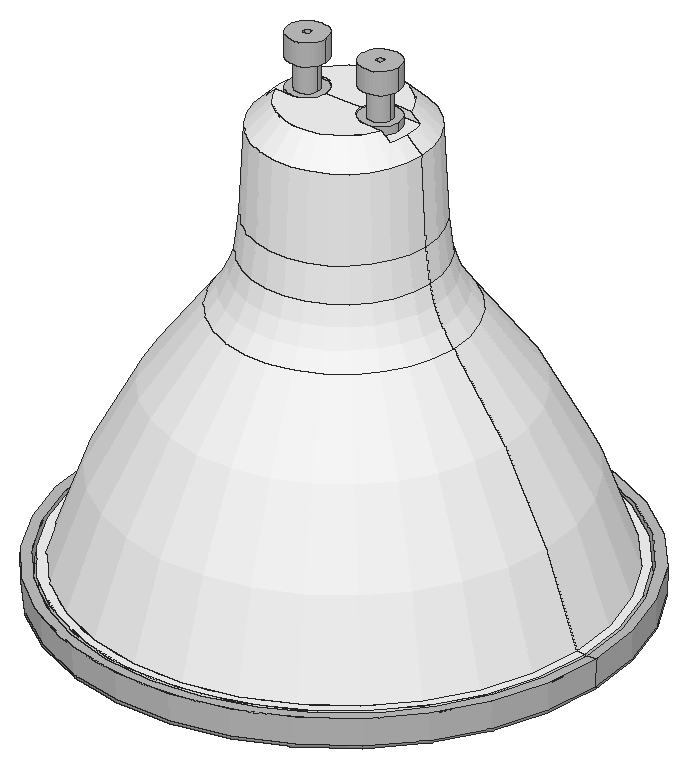
Revit family "STL23424_27_30", category Luminárias, Revit 2023
Family settings
  Cota do conector redondo = Utilizar diâmetro
  Tipo de parte = Normal
  Com base no plano de trabalho = Não
  Sempre na vertical = Sim
  Corte com vazios quando carregada = Não
  Fonte luminosa = Sim
  Manter orientação da anotação = Não
  Compartilhado = Não
  Ponto de cálculo do ambiente = Não
Parameters (values of type "STL23424/27 - BIVOLT - 2700K - 240lm - 7°")
  Ângulo de inclinação = 90.00°
  Ângulo de Abertura = "7°"
  Wattage = 1.61571 W
  URL = "https://stella.com.br/"
  Troca de temperatura da cor de lâmpada com esmaecimento = <Nenhum>
  Tensão Elétrica = "100V-240V"
  built-in parameter 1150107 = 2700 (stored number, unit not read)
  Temperatura da cor (K) = 2700 K
  Referência = "STL23424/27"
  Potência = 4.9 W
  built-in parameter 1150110 = 1 (stored number, unit not read)
  built-in parameter 1150109 = 1 (stored number, unit not read)
  built-in parameter 1114218 = 1 (stored number, unit not read)
  built-in parameter 1150112 = 1 (stored number, unit not read)
  built-in parameter 1150113 = 1 (stored number, unit not read)
  built-in parameter 1150142 = "IESNA:LM-63-2002\r\n[TEST] Viso BaseSpion - serial: 2183678036 sensor serial: 1483989726\r\n[TESTLAB] Viso BaseSpion - serial: 2183678036 sensor serial: 1483989726 - Test lab\r\n[MANUFAC] N/A\r\n[ISSUEDATE] 14/08/2023\r\n[LUMINAIRE] STELLA - STL23424/27 - AR70 PRO DIM 7°\r\n[LUMCAT] N/A\r\n[_SERIALNUMBER] VFR-230814-9882-MS\r\nTILT=NONE\r\n1 240 1 91 1 1 2 -0.0549 -0.0549 0\r\n1.0 1.0 4.87\r\n0 1 2 3 4 5 6 7 8 9 10 11 12 13 14 15 16 17 18 19 20 21 22 23 24 25 26 27 28 29 30 31 32 33 34 35 36 37 38 39 40 41 42 43 44 45 46 47 48 49 50 51 52 53 54 55 56 57 58 59 60 61 62 63 64 65 66 67 68 69 70 71 72 73 74 75 76 77 78 79 80\r\n 81 82 83 84 85 86 87 88 89 90\r\n0 \r\n10219.087891 9609.618164 8084.552246 5993.118652 3929.614502 2367.785645 1371.87207 787.385315 467.917023 300.704956 207.062836 149.647308 118.207611 103.440643 93.143715 82.923851 72.277809 63.09024 55.998558 51.25856 46.682964 40.59729\r\n 34.690044 30.243528 27.227261 24.611897 22.122869 20.337862 19.374928 18.887224 19.041401 19.42337 19.868952 20.542683 21.128773 21.616777 21.801546 21.123518 19.780514 18.231174 16.584953 14.74189 12.86931 11.117442 9.338756 8.000716\r\n 7.174229 6.827786 6.655918 6.562198 6.498965 6.36223 6.216653 6.175374 6.149932 5.471829 3.564684 2.353281 2.210476 2.272715 1.465729 0.693072 0.328656 0.212794 0.179692 0.178208 0.160128 0.159736 0.187537 0.191157 0.21221 0.177554\r\n 0.162208 0.173206 0.16345 0.165178 0.172783 0.17258 0.180423 0.161666 0.17036 0.186839 0.165274 0.175256 0.171068 0.172835 0.171477 0.191085 0.182522 0.119256 0.081322\r\n"
  built-in parameter 1150132 = 2
  built-in parameter 1150137 = (empty or 0)
  Modelo = "Lâmpada LED AR70 PRO 7°"
  Luminoso [instance] = Luminoso - 2700K
  built-in parameter 1150106 = 102.19 (stored number, unit not read)
  built-in parameter 1150102 = (empty or 0)
  built-in parameter 1150105 = 10219.1 (stored number, unit not read)
  IRC (Índice de reprodução de cores) = ">95 (R9>80)"
  Grau de proteção (IP) = "IP20"
  Fluxo Luminoso = 240 lm
  Color Filter = 16777215
  built-in parameter 1114217 = 1 (stored number, unit not read)
  built-in parameter 1150139 = (empty or 0)
  Fabricante = "Stella"
  Estrutura [instance] = Al - Branco
  Default Elevation = 0.00 m
  built-in parameter 1150104 = 13.8 (stored number, unit not read)
  Diâmetro = 0.07 m
  Dimerização = "20-100%"
  built-in parameter 1150115 = 1 (stored number, unit not read)
  built-in parameter 1150114 = 1 (stored number, unit not read)
  Cromado [instance] = Cromado
  Lumens = 240 lm
  built-in parameter 1150138 = (empty or 0)
  built-in parameter 1150134 = (empty or 0)
  Arquivo de rede fotométrica = "STELLA - STL23424-27 - AR70 PRO DIM 7°.ies"
  Altura = 0.067 m
  built-in parameter 1150133 = 10 (stored number, unit not read)
Types (3, lengths in m): name | Wattage | built-in parameter 1150107 | Temperatura da cor (K) | Referência | built-in parameter 1150142 | Luminoso | built-in parameter 1150106 | built-in parameter 1150105 | Fluxo Luminoso | Lumens | Arquivo de rede fotométrica
  (no name) | 1.61571 W | 2700 (stored number, unit not read) | 2700 K | "STL23424/27" | "IESNA:LM-63-2002\r\n[TEST] Viso BaseSpion - serial: 2183678036 sensor serial: 1483989726\r\n[TESTLAB] Viso BaseSpion - serial: 2183678036 sensor serial: 1483989726 - Test lab\r\n[MANUFAC] N/A\r\n[ISSUEDATE] 14/08/2023\r\n[LUMINAIRE] STELLA - STL23424/27 - AR70 PRO DIM 7°\r\n[LUMCAT] N/A\r\n[_SERIALNUMBER] VFR-230814-9882-MS\r\nTILT=NONE\r\n1 240 1 91 1 1 2 -0.0549 -0.0549 0\r\n1.0 1.0 4.87\r\n0 1 2 3 4 5 6 7 8 9 10 11 12 13 14 15 16 17 18 19 20 21 22 23 24 25 26 27 28 29 30 31 32 33 34 35 36 37 38 39 40 41 42 43 44 45 46 47 48 49 50 51 52 53 54 55 56 57 58 59 60 61 62 63 64 65 66 67 68 69 70 71 72 73 74 75 76 77 78 79 80\r\n 81 82 83 84 85 86 87 88 89 90\r\n0 \r\n10219.087891 9609.618164 8084.552246 5993.118652 3929.614502 2367.785645 1371.87207 787.385315 467.917023 300.704956 207.062836 149.647308 118.207611 103.440643 93.143715 82.923851 72.277809 63.09024 55.998558 51.25856 46.682964 40.59729\r\n 34.690044 30.243528 27.227261 24.611897 22.122869 20.337862 19.374928 18.887224 19.041401 19.42337 19.868952 20.542683 21.128773 21.616777 21.801546 21.123518 19.780514 18.231174 16.584953 14.74189 12.86931 11.117442 9.338756 8.000716\r\n 7.174229 6.827786 6.655918 6.562198 6.498965 6.36223 6.216653 6.175374 6.149932 5.471829 3.564684 2.353281 2.210476 2.272715 1.465729 0.693072 0.328656 0.212794 0.179692 0.178208 0.160128 0.159736 0.187537 0.191157 0.21221 0.177554\r\n 0.162208 0.173206 0.16345 0.165178 0.172783 0.17258 0.180423 0.161666 0.17036 0.186839 0.165274 0.175256 0.171068 0.172835 0.171477 0.191085 0.182522 0.119256 0.081322\r\n" | Luminoso - 2700K | 102.19 (stored number, unit not read) | 10219.1 (stored number, unit not read) | 240 lm | 240 lm | "STELLA - STL23424-27 - AR70 PRO DIM 7°.ies"
  STL23424/27 - BIVOLT - 2700K - 240lm - 7° | 1.61571 W | 2700 (stored number, unit not read) | 2700 K | "STL23424/27" | "IESNA:LM-63-2002\r\n[TEST] Viso BaseSpion - serial: 2183678036 sensor serial: 1483989726\r\n[TESTLAB] Viso BaseSpion - serial: 2183678036 sensor serial: 1483989726 - Test lab\r\n[MANUFAC] N/A\r\n[ISSUEDATE] 14/08/2023\r\n[LUMINAIRE] STELLA - STL23424/27 - AR70 PRO DIM 7°\r\n[LUMCAT] N/A\r\n[_SERIALNUMBER] VFR-230814-9882-MS\r\nTILT=NONE\r\n1 240 1 91 1 1 2 -0.0549 -0.0549 0\r\n1.0 1.0 4.87\r\n0 1 2 3 4 5 6 7 8 9 10 11 12 13 14 15 16 17 18 19 20 21 22 23 24 25 26 27 28 29 30 31 32 33 34 35 36 37 38 39 40 41 42 43 44 45 46 47 48 49 50 51 52 53 54 55 56 57 58 59 60 61 62 63 64 65 66 67 68 69 70 71 72 73 74 75 76 77 78 79 80\r\n 81 82 83 84 85 86 87 88 89 90\r\n0 \r\n10219.087891 9609.618164 8084.552246 5993.118652 3929.614502 2367.785645 1371.87207 787.385315 467.917023 300.704956 207.062836 149.647308 118.207611 103.440643 93.143715 82.923851 72.277809 63.09024 55.998558 51.25856 46.682964 40.59729\r\n 34.690044 30.243528 27.227261 24.611897 22.122869 20.337862 19.374928 18.887224 19.041401 19.42337 19.868952 20.542683 21.128773 21.616777 21.801546 21.123518 19.780514 18.231174 16.584953 14.74189 12.86931 11.117442 9.338756 8.000716\r\n 7.174229 6.827786 6.655918 6.562198 6.498965 6.36223 6.216653 6.175374 6.149932 5.471829 3.564684 2.353281 2.210476 2.272715 1.465729 0.693072 0.328656 0.212794 0.179692 0.178208 0.160128 0.159736 0.187537 0.191157 0.21221 0.177554\r\n 0.162208 0.173206 0.16345 0.165178 0.172783 0.17258 0.180423 0.161666 0.17036 0.186839 0.165274 0.175256 0.171068 0.172835 0.171477 0.191085 0.182522 0.119256 0.081322\r\n" | Luminoso - 2700K | 102.19 (stored number, unit not read) | 10219.1 (stored number, unit not read) | 240 lm | 240 lm | "STELLA - STL23424-27 - AR70 PRO DIM 7°.ies"
  STL23424/30 - BIVOLT - 3000K - 250lm - 7° | 1.68303 W | 3000 (stored number, unit not read) | 3000 K | "STL23424/30" | "IESNA:LM-63-2002\r\n[TEST] Viso BaseSpion - serial: 2183678036 sensor serial: 1483989726\r\n[TESTLAB] Viso BaseSpion - serial: 2183678036 sensor serial: 1483989726 - Test lab\r\n[MANUFAC] N/A\r\n[ISSUEDATE] 14/08/2023\r\n[LUMINAIRE] STELLA - STL23424/30 - AR70 PRO DIM 7°\r\n[LUMCAT] N/A\r\n[_SERIALNUMBER] VFR-230814-9882-MS\r\nTILT=NONE\r\n1 250 1 91 1 1 2 -0.0549 -0.0549 0\r\n1.0 1.0 4.87\r\n0 1 2 3 4 5 6 7 8 9 10 11 12 13 14 15 16 17 18 19 20 21 22 23 24 25 26 27 28 29 30 31 32 33 34 35 36 37 38 39 40 41 42 43 44 45 46 47 48 49 50 51 52 53 54 55 56 57 58 59 60 61 62 63 64 65 66 67 68 69 70 71 72 73 74 75 76 77 78 79 80\r\n 81 82 83 84 85 86 87 88 89 90\r\n0 \r\n10644.883789 10010.019531 8421.40918 6242.832031 4093.348389 2466.443359 1429.033447 820.193054 487.413574 313.234314 215.69046 155.882614 123.132935 107.750671 97.024712 86.379013 75.289383 65.719002 58.331833 53.394333 48.62809 42.288845\r\n 36.135464 31.503675 28.361731 25.637394 23.044657 21.185274 20.182217 19.674192 19.834793 20.232679 20.696825 21.398628 22.00914 22.517477 22.709944 22.003666 20.604702 18.990808 17.275993 15.356135 13.405532 11.580668 9.72787 8.33408\r\n 7.473155 7.112278 6.933248 6.835623 6.769756 6.627323 6.475681 6.432682 6.406179 5.699822 3.713212 2.451334 2.302579 2.367412 1.526801 0.72195 0.34235 0.22166 0.18718 0.185633 0.1668 0.166392 0.195351 0.199122 0.221052 0.184952 0.168966\r\n 0.180422 0.170261 0.17206 0.179983 0.179771 0.18794 0.168402 0.177458 0.194624 0.172161 0.182558 0.178195 0.180037 0.178622 0.199047 0.190128 0.124225 0.084711\r\n" | Luminoso - 3000K | 106.45 (stored number, unit not read) | 10644.9 (stored number, unit not read) | 250 lm | 250 lm | "STELLA - STL23424-30 - AR70 PRO DIM 7°.ies"
Reference planes (m)
  plane 1 "Centro (Frente/Trás)": y = 0
  plane 2: z = 0
  plane 3 "Centro (Esquerda/Direita)": x = 0
  plane 4: x = 0.035
  plane 5: x = -0.035
  plane 6 "Superior": z = 0.063061
  plane 7 "Base": z = -0.003939
  plane 8: y = 0.035
  plane 9: y = -0.035
Forms (m)
  Revolve 1, solid, material "Al - Branco" <- "Estrutura"
    sketch origin (0, 0, 0) x (1, 0, 0) y (0, 0, 1)
      loop
        line (0.0077, 0.0564) -> (0, 0.0564) -> (0, 0.0548) -> (0.007603, 0.0548) -> (0.00957, 0.052833) -> (0.009999, 0.042321)
        arc (0.009999, 0.042321) -> (0.010188, 0.040004) -> (0.010563, 0.03771) r 0.02875
        arc (0.010563, 0.03771) -> (0.011893, 0.033837) -> (0.01416, 0.030428) r 0.01602
        arc (0.01416, 0.030428) -> (0.024357, 0.015572) -> (0.030945, -0.0012) r 0.07947
        line (0.030945, -0.0012) -> (0.031727, -0.0012) -> (0.0318, -0.0026) -> (0.033208, -0.0026) -> (0.03305, -0.000789) -> (0.033009, 0) -> (0.031862, 0)
        arc (0.031862, 0) -> (0.0252, 0.016541) -> (0.015066, 0.031215) r 0.08067
        arc (0.015066, 0.031215) -> (0.012969, 0.034369) -> (0.011739, 0.037951) r 0.01482
        arc (0.011739, 0.037951) -> (0.011379, 0.04015) -> (0.011198, 0.04237) r 0.02755
        line (0.011198, 0.04237) -> (0.01075, 0.05335) -> (0.0077, 0.0564)
      axis (0, 0.0564) -> (0, -0.0026)
    angle from 0 to 360
  Revolve 2, solid, material "Cromado" <- "Cromado"
    sketch origin (0, 0, 0) x (1, 0, 0) y (0, 0, 1)
      loop
        line (0.034641, -0.000012) -> (0.033441, -0.000012) -> (0.033213, -0.002612) -> (0.031899, -0.002612)
        arc (0.031899, -0.002612) -> (0.030196, -0.002077) -> (0.028665, -0.001158) r 0.007553
        arc (0.028665, -0.001158) -> (0.02224, 0.009924) -> (0.014066, 0.019788) r 0.077007
        line (0.014066, 0.019788) -> (0.012477, 0.019788) -> (0.012477, 0.018588) -> (0.013281, 0.018588)
        arc (0.013281, 0.018588) -> (0.020758, 0.009597) -> (0.02676, -0.000439) r 0.075607
        line (0.02676, -0.000439) -> (0.027823, -0.002538)
        arc (0.027823, -0.002538) -> (0.028077, -0.002853) -> (0.028411, -0.00308) r 0.001372
        arc (0.028411, -0.00308) -> (0.030708, -0.003694) -> (0.033072, -0.003939) r 0.015
        arc (0.033072, -0.003939) -> (0.03354, -0.003944) -> (0.034008, -0.003939) r 0.019847
        arc (0.034008, -0.003939) -> (0.034407, -0.003777) -> (0.034582, -0.003385) r 0.000574
        line (0.034582, -0.003385) -> (0.034641, -0.000012)
      axis (0, 0.019788) -> (0, -0.003939)
    angle from 0 to 360
  Revolve 3, solid, material "Cromado" <- "Cromado"
    sketch origin (0, 0, 0) x (1, 0, 0) y (0, 0, 1)
      loop
        line (-0.01279, 0.004) -> (0, 0.004) -> (0, 0.014238) -> (-0.002617, 0.014238)
        arc (-0.002617, 0.014238) -> (-0.004216, 0.013782) -> (-0.005741, 0.013119) r 0.0125
        line (-0.005741, 0.013119) -> (-0.007371, 0.019202) -> (-0.010858, 0.019202)
        arc (-0.010858, 0.019202) -> (-0.011261, 0.019369) -> (-0.011427, 0.019771) r 0.000569
        line (-0.011427, 0.019771) -> (-0.0115, 0.02185) -> (-0.018457, 0.02185) -> (-0.018378, 0.02035) -> (-0.01275, 0.02035) -> (-0.012721, 0.019519) -> (-0.012721, 0.018698) -> (-0.011921, 0.018698) -> (-0.011921, 0.017583)
        arc (-0.011921, 0.017583) -> (-0.008013, 0.013326) -> (-0.002914, 0.010607) r 0.017169
        line (-0.002914, 0.010607) -> (-0.002684, 0.006224) -> (-0.0069, 0.005702) -> (-0.013416, 0.005702) -> (-0.013357, 0.004567)
        arc (-0.013357, 0.004567) -> (-0.013191, 0.004166) -> (-0.01279, 0.004) r 0.000567
      axis (0, 0.02185) -> (0, 0.004)
    angle from 0 to 360
  Extrusion 4, void
    sketch origin (0, -0.129323, 0) x (1, 0, 0) y (0, 1, 0)
      loop
        arc (-0.002358, 0.129323) -> (-0.003131, 0.131192) -> (-0.005, 0.131966) r 0.002642
        line (-0.005, 0.131966) -> (-0.008729, 0.131966)
        arc (-0.008729, 0.131966) -> (-0.009022, 0.130744) -> (-0.009136, 0.129493) r 0.008759
        arc (-0.009136, 0.129493) -> (-0.009047, 0.12807) -> (-0.008729, 0.126681) r 0.008759
        line (-0.008729, 0.126681) -> (-0.005, 0.126681)
        arc (-0.005, 0.126681) -> (-0.003131, 0.127455) -> (-0.002358, 0.129323) r 0.002642
    from 0.0553 to 0.0564
  Extrusion 5, solid, material "Cromado" <- "Cromado"
    sketch origin (0, 0, 0) x (1, 0, 0) y (0, 1, 0)
      loop
        circle (-0.005, 0) r 0.0025
    from 0.0553 to 0.0563
  Extrusion 6, solid, material "Cromado" <- "Cromado"
    sketch origin (0, 0, 0) x (1, 0, 0) y (0, 1, 0)
      loop
        circle (-0.005, 0) r 0.0015
    from 0.0563 to 0.060161
  Extrusion 7, solid, material "Cromado" <- "Cromado"
    sketch origin (0, 0, 0) x (1, 0, 0) y (0, 1, 0)
      loop
        circle (-0.005, 0) r 0.0025
    from 0.060161 to 0.063061
  Extrusion 8, solid, material "Cromado" <- "Cromado"
    sketch origin (0, 0, 0) x (-1, 0, 0) y (0, -1, 0)
      loop
        circle (-0.005, 0) r 0.0025
    from 0.0553 to 0.0563
  Extrusion 9, solid, material "Cromado" <- "Cromado"
    sketch origin (0, 0, 0) x (-1, 0, 0) y (0, -1, 0)
      loop
        circle (-0.005, 0) r 0.0015
    from 0.0563 to 0.060161
  Extrusion 10, solid, material "Cromado" <- "Cromado"
    sketch origin (0, 0, 0) x (-1, 0, 0) y (0, -1, 0)
      loop
        circle (-0.005, 0) r 0.0025
    from 0.060161 to 0.063061
  Extrusion 11, void
    sketch origin (0, -0.129323, 0) x (-1, 0, 0) y (0, -1, 0)
      loop
        arc (-0.002358, -0.129323) -> (-0.003131, -0.127455) -> (-0.005, -0.126681) r 0.002642
        line (-0.005, -0.126681) -> (-0.008729, -0.126681)
        arc (-0.008729, -0.126681) -> (-0.009047, -0.12807) -> (-0.009136, -0.129493) r 0.008759
        arc (-0.009136, -0.129493) -> (-0.009022, -0.130744) -> (-0.008729, -0.131966) r 0.008759
        line (-0.008729, -0.131966) -> (-0.005, -0.131966)
        arc (-0.005, -0.131966) -> (-0.003131, -0.131192) -> (-0.002358, -0.129323) r 0.002642
    from 0.0553 to 0.0564
  Extrusion 12, void
    sketch origin (0, 0, 0) x (1, 0, 0) y (0, 1, 0)
      loop
        circle (-0.005, 0) r 0.00045
    from 0.0557 to 0.063061
  Extrusion 13, void
    sketch origin (0, 0, 0) x (-1, 0, 0) y (0, -1, 0)
      loop
        circle (-0.005, 0) r 0.00045
    from 0.0557 to 0.063061
  Revolve 14, solid, material "Luminoso - 2700K" <- "Luminoso"
    sketch origin (0, 0, 0) x (1, 0, 0) y (0, 0, 1)
      loop
        line (-0.013416, 0.005702) -> (-0.0069, 0.005702) -> (-0.002684, 0.006224) -> (-0.002914, 0.010607)
        arc (-0.002914, 0.010607) -> (-0.008013, 0.013326) -> (-0.011921, 0.017583) r 0.017169
        line (-0.011921, 0.017583) -> (-0.011921, 0.018698) -> (-0.012721, 0.018698) -> (-0.012721, 0.01735)
        arc (-0.012721, 0.01735) -> (-0.008812, 0.012938) -> (-0.003685, 0.010029) r 0.017969
        line (-0.003685, 0.010029) -> (-0.003522, 0.006926) -> (-0.013416, 0.005702)
      axis (0, 0.018698) -> (0, 0.005702)
    angle from 0 to 360
Cuts and joins
  Extrusion 4, Extrusion 11 cuts Revolve 1
  Extrusion 12, Extrusion 13 cuts Extrusion 5
  Extrusion 11, Extrusion 12, Extrusion 13 cuts Extrusion 6
  Extrusion 12, Extrusion 13 cuts Extrusion 7
  joined: Extrusion 5, Extrusion 6, Extrusion 7
  Extrusion 13 cuts Extrusion 8
  Extrusion 13 cuts Extrusion 9
  Extrusion 13 cuts Extrusion 10
  joined: Extrusion 8, Extrusion 9, Extrusion 10
Lines and regions (m)
  model lines
    curve 1: line (0, 0.001599, 0.0553) -> (0, -0.004963, 0.0553)
    curve 2: line (0.006069, 0, 0.063061) -> (0.006069, 0, 0.060161)
Dimensions and locks (m)
  "Altura": plane 6 "Superior" to plane 7 "Base"
  "Diâmetro": plane 5 to plane 4
  aligned and locked: level to plane 2
  aligned and locked: Extrusion 7 to Extrusion 12
  aligned and locked: Extrusion 10 to cut or joined group of Extrusion 5, Extrusion 6, Extrusion 7, Extrusion 11, Extrusion 12, Extrusion 13
Automatic sketch dimensions
  curve 1 to plane 1 "Centro (Frente/Trás)" = 0.001599 m
  plane 1 "Centro (Frente/Trás)" to curve 1 = 0.004963 m
  Revolve 1 sketch curve to Revolve 1 sketch curve = 0.00 m  (x9)
  Revolve 1 sketch curve to plane 3 "Centro (Esquerda/Direita)" = 0.00 m  (x2)
  Revolve 1 sketch curve to level = 0.00 m
  Revolve 1 sketch curve to plane 5 = 0.01084 m
  Revolve 1 sketch curve to Revolve 1 sketch curve = 0.007603 m
  Revolve 1 sketch curve to Revolve 1 sketch curve = 0.000097 m
  Revolve 1 sketch curve to Revolve 1 sketch curve = 0.001967 m  (x2)
  plane 3 "Centro (Esquerda/Direita)" to Revolve 1 sketch curve = 0.009999 m
  Revolve 1 sketch curve to Revolve 1 sketch curve = 0.00118 m
  Revolve 1 sketch curve to Revolve 1 sketch curve = 0.001199 m
  Revolve 1 sketch curve to plane 4 = 0.008744 m
  Revolve 1 sketch curve to level = 0.0012 m
  Revolve 1 sketch curve to plane 4 = 0.004055 m
  Revolve 1 sketch curve to Revolve 1 sketch curve = 0.000781 m
  Revolve 1 sketch curve to Revolve 1 sketch curve = 0.000073 m
  Revolve 1 sketch curve to Revolve 1 sketch curve = 0.000135 m
  Revolve 1 sketch curve to Revolve 1 sketch curve = 0.001147 m
  Revolve 1 sketch curve to Revolve 1 sketch curve = 0.000041 m
  Revolve 1 sketch curve to plane 4 = 0.001792 m
  plane 4 to Revolve 1 sketch curve = 0.003725 m
  Revolve 1 sketch curve to Revolve 1 sketch curve = 0.0014 m
  Revolve 1 sketch curve to level = 0.021682 m
  Revolve 1 sketch curve to level = 0.000789 m
  level to Revolve 1 sketch curve = 0.040933 m
  Revolve 1 sketch curve to Revolve 1 sketch curve = 0.011106 m
  Revolve 1 sketch curve to Revolve 1 sketch curve = 0.000049 m
  Revolve 1 sketch curve to Revolve 1 sketch curve = 0.002561 m
  Revolve 1 sketch curve to Revolve 1 sketch curve = 0.010512 m
  Revolve 1 sketch curve to Revolve 1 sketch curve = 0.000517 m
  Revolve 1 sketch curve to Revolve 1 sketch curve = 0.0016 m
  Revolve 1 sketch curve to level = 0.003956 m
  Extrusion 4 sketch curve to Extrusion 4 sketch curve = 0.00 m  (x4)
  plane 1 "Centro (Frente/Trás)" to Extrusion 4 sketch curve = 0.00 m  (x2)
  plane 1 "Centro (Frente/Trás)" to Extrusion 4 sketch curve = 0.002642 m
  Extrusion 4 sketch curve to plane 3 "Centro (Esquerda/Direita)" = 0.008729 m
  Extrusion 4 sketch curve to Extrusion 4 sketch curve = 0.003729 m
  Extrusion 4 sketch curve to plane 3 "Centro (Esquerda/Direita)" = 0.000379 m
  Extrusion 4 sketch curve to plane 1 "Centro (Frente/Trás)" = 0.00017 m
  plane 1 "Centro (Frente/Trás)" to Extrusion 5 sketch curve = 0.00 m
  Extrusion 5 sketch curve to plane 3 "Centro (Esquerda/Direita)" = 0.005 m
  plane 1 "Centro (Frente/Trás)" to Extrusion 6 sketch curve = 0.00 m
  Extrusion 6 sketch curve to plane 3 "Centro (Esquerda/Direita)" = 0.005 m
  plane 1 "Centro (Frente/Trás)" to Extrusion 7 sketch curve = 0.00 m
  Extrusion 7 sketch curve to plane 3 "Centro (Esquerda/Direita)" = 0.005 m
  plane 1 "Centro (Frente/Trás)" to Extrusion 8 sketch curve = 0.00 m
  plane 3 "Centro (Esquerda/Direita)" to Extrusion 8 sketch curve = 0.005 m
  plane 1 "Centro (Frente/Trás)" to Extrusion 9 sketch curve = 0.00 m
  plane 3 "Centro (Esquerda/Direita)" to Extrusion 9 sketch curve = 0.005 m
  plane 1 "Centro (Frente/Trás)" to Extrusion 10 sketch curve = 0.00 m
  plane 3 "Centro (Esquerda/Direita)" to Extrusion 10 sketch curve = 0.005 m
  Extrusion 11 sketch curve to Extrusion 11 sketch curve = 0.00 m  (x4)
  plane 1 "Centro (Frente/Trás)" to Extrusion 11 sketch curve = 0.00 m  (x2)
  plane 1 "Centro (Frente/Trás)" to Extrusion 11 sketch curve = 0.002642 m
  plane 3 "Centro (Esquerda/Direita)" to Extrusion 11 sketch curve = 0.008729 m
  Extrusion 11 sketch curve to Extrusion 11 sketch curve = 0.003729 m
  plane 3 "Centro (Esquerda/Direita)" to Extrusion 11 sketch curve = 0.000379 m
  Extrusion 11 sketch curve to plane 1 "Centro (Frente/Trás)" = 0.00017 m
  plane 1 "Centro (Frente/Trás)" to Extrusion 12 sketch curve = 0.00 m
  Extrusion 12 sketch curve to plane 3 "Centro (Esquerda/Direita)" = 0.005 m
  plane 1 "Centro (Frente/Trás)" to Extrusion 13 sketch curve = 0.00 m
  plane 3 "Centro (Esquerda/Direita)" to Extrusion 13 sketch curve = 0.005 m
  Revolve 14 sketch curve to Revolve 14 sketch curve = 0.00 m  (x2)
  Revolve 14 sketch curve to plane 3 "Centro (Esquerda/Direita)" = 0.00 m
  Revolve 14 sketch curve to plane 3 "Centro (Esquerda/Direita)" = 0.002684 m
  Revolve 14 sketch curve to plane 3 "Centro (Esquerda/Direita)" = 0.002914 m
  Revolve 14 sketch curve to Revolve 14 sketch curve = 0.000838 m
  Revolve 14 sketch curve to Revolve 14 sketch curve = 0.000771 m
  Revolve 14 sketch curve to Revolve 14 sketch curve = 0.003378 m
  Revolve 14 sketch curve to plane 3 "Centro (Esquerda/Direita)" = 0.011921 m
  Revolve 14 sketch curve to Revolve 14 sketch curve = 0.0008 m
  level to Revolve 14 sketch curve = 0.005702 m
  Revolve 14 sketch curve to Revolve 14 sketch curve = 0.006516 m
  plane 3 "Centro (Esquerda/Direita)" to Revolve 14 sketch curve = 0.0025 m
  Revolve 14 sketch curve to Revolve 14 sketch curve = 0.000521 m
  Revolve 14 sketch curve to Revolve 14 sketch curve = 0.000702 m
  Revolve 14 sketch curve to Revolve 14 sketch curve = 0.003103 m
  Revolve 14 sketch curve to Revolve 14 sketch curve = 0.000578 m
  Revolve 14 sketch curve to Revolve 14 sketch curve = 0.007321 m
  Revolve 14 sketch curve to Revolve 14 sketch curve = 0.001348 m
  level to Revolve 14 sketch curve = 0.002602 m
  Revolve 14 sketch curve to Revolve 14 sketch curve = 0.003202 m
  Revolve 3 sketch curve to plane 3 "Centro (Esquerda/Direita)" = 0.00 m  (x3)
  Revolve 3 sketch curve to plane 3 "Centro (Esquerda/Direita)" = 0.002617 m
  Revolve 3 sketch curve to plane 3 "Centro (Esquerda/Direita)" = 0.002684 m
  Revolve 3 sketch curve to plane 3 "Centro (Esquerda/Direita)" = 0.002914 m
  Revolve 3 sketch curve to Revolve 3 sketch curve = 0.003123 m
  Revolve 3 sketch curve to Revolve 3 sketch curve = 0.004216 m
  Revolve 3 sketch curve to Revolve 3 sketch curve = 0.00163 m
  Revolve 3 sketch curve to Revolve 3 sketch curve = 0.003487 m
  Revolve 3 sketch curve to Revolve 3 sketch curve = 0.000569 m
  Revolve 3 sketch curve to Revolve 3 sketch curve = 0.000073 m
  Revolve 3 sketch curve to Revolve 3 sketch curve = 0.001063 m
  Revolve 3 sketch curve to Revolve 3 sketch curve = 0.0008 m
  Revolve 3 sketch curve to Revolve 3 sketch curve = 0.000029 m
  level to Revolve 3 sketch curve = 0.004 m
  Revolve 3 sketch curve to Revolve 3 sketch curve = 0.00589 m
  level to Revolve 3 sketch curve = 0.004567 m
  Revolve 3 sketch curve to Revolve 3 sketch curve = 0.00006 m
  Revolve 3 sketch curve to Revolve 3 sketch curve = 0.005628 m
  Revolve 3 sketch curve to Revolve 3 sketch curve = 0.000079 m
  plane 3 "Centro (Esquerda/Direita)" to Revolve 3 sketch curve = 0.0025 m
  Revolve 3 sketch curve to Revolve 3 sketch curve = 0.001985 m
  Revolve 3 sketch curve to Revolve 3 sketch curve = 0.001136 m
  Revolve 3 sketch curve to Revolve 3 sketch curve = 0.002224 m
  Revolve 3 sketch curve to Revolve 3 sketch curve = 0.004383 m
  Revolve 3 sketch curve to Revolve 3 sketch curve = 0.002512 m
  Revolve 3 sketch curve to Revolve 3 sketch curve = 0.004464 m
  Revolve 3 sketch curve to Revolve 3 sketch curve = 0.001115 m
  Revolve 3 sketch curve to Revolve 3 sketch curve = 0.000504 m
  Revolve 3 sketch curve to Revolve 3 sketch curve = 0.000821 m
  Revolve 3 sketch curve to Revolve 3 sketch curve = 0.000831 m
  Revolve 3 sketch curve to Revolve 3 sketch curve = 0.0015 m
  Revolve 3 sketch curve to level = 0.005482 m
  Revolve 3 sketch curve to Revolve 3 sketch curve = 0.001455 m
  level to curve 1 = 0.0553 m
  curve 2 to plane 6 "Superior" = 0.00 m
  plane 3 "Centro (Esquerda/Direita)" to curve 2 = 0.006069 m
  curve 2 to curve 2 = 0.0029 m
  Revolve 2 sketch curve to Revolve 2 sketch curve = 0.00 m  (x2)
  Revolve 2 sketch curve to plane 3 "Centro (Esquerda/Direita)" = 0.00 m
  Revolve 2 sketch curve to plane 7 "Base" = 0.00 m
  Revolve 2 sketch curve to plane 5 = 0.005937 m
  plane 3 "Centro (Esquerda/Direita)" to Revolve 2 sketch curve = 0.012477 m
  Revolve 2 sketch curve to Revolve 2 sketch curve = 0.001589 m
  plane 7 "Base" to Revolve 2 sketch curve = 0.0014 m
  Revolve 2 sketch curve to plane 4 = 0.007177 m
  Revolve 2 sketch curve to Revolve 2 sketch curve = 0.001183 m
  plane 7 "Base" to Revolve 2 sketch curve = 0.001327 m
  Revolve 2 sketch curve to Revolve 2 sketch curve = 0.002893 m
  Revolve 2 sketch curve to Revolve 2 sketch curve = 0.001314 m
  Revolve 2 sketch curve to plane 4 = 0.001708 m
  Revolve 2 sketch curve to plane 4 = 0.001574 m
  Revolve 2 sketch curve to level = 0.000012 m
  Revolve 2 sketch curve to plane 4 = 0.001559 m
  Revolve 2 sketch curve to plane 4 = 0.00146 m
  Revolve 2 sketch curve to plane 4 = 0.000992 m
  Revolve 2 sketch curve to plane 4 = 0.000418 m
  Revolve 2 sketch curve to plane 4 = 0.000359 m
  plane 7 "Base" to Revolve 2 sketch curve = 0.000554 m
  Revolve 2 sketch curve to Revolve 2 sketch curve = 0.000695 m
  level to Revolve 2 sketch curve = 0.004812 m
  Revolve 2 sketch curve to Revolve 2 sketch curve = 0.006245 m
  Revolve 2 sketch curve to Revolve 2 sketch curve = 0.004846 m
  Revolve 2 sketch curve to Revolve 2 sketch curve = 0.0012 m
  Revolve 2 sketch curve to Revolve 2 sketch curve = 0.000804 m
  Revolve 2 sketch curve to level = 0.000439 m
  Revolve 2 sketch curve to Revolve 2 sketch curve = 0.001905 m
  Revolve 2 sketch curve to Revolve 2 sketch curve = 0.000588 m
  Revolve 2 sketch curve to plane 7 "Base" = 0.004033 m
  plane 6 "Superior" to Revolve 2 sketch curve = 0.000562 m
  Revolve 2 sketch curve to Revolve 2 sketch curve = 0.001063 m
  radius of Extrusion 5 sketch curve = 0.0025 m
  radius of Extrusion 6 sketch curve = 0.0015 m
  radius of Extrusion 7 sketch curve = 0.0025 m
  radius of Extrusion 8 sketch curve = 0.0025 m
  radius of Extrusion 9 sketch curve = 0.0015 m
  radius of Extrusion 10 sketch curve = 0.0025 m
  radius of Extrusion 12 sketch curve = 0.00045 m
  radius of Extrusion 13 sketch curve = 0.00045 m
Connectors (m)
  electrical at (0, 0, 0.063061)
    settings: index 1, voltage 0 V, apparent load 0 VA, apparent load phase1 0 VA, apparent load phase2 0 VA, apparent load phase3 0 VA, power factor 1, load classification "Outro", number of poles 1, system type 31, power factor state 1, is connector primary yes, connector utility no, sub classification motor no, connector description ""
